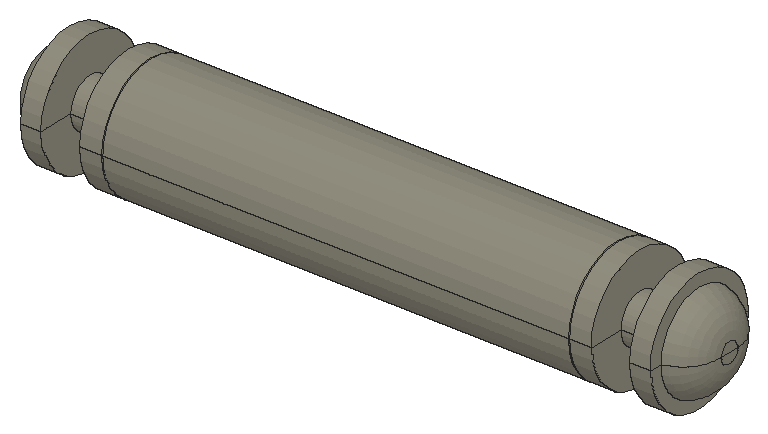
Revit family "Construction_Roof-Accessories_Alpine-SnowGuards_PP86-Internal Coupling", category Specialty Equipment, Revit 2019
Family settings
  Round Connector Dimension = Use Diameter
  Part Type = Normal
  OmniClass Number = 23.35.20.31.27.14
  OmniClass Title = Snow Guards
  Work Plane-Based = No
  Always vertical = Yes
  Cut with Voids When Loaded = No
  Shared = No
  Room Calculation Point = No
Parameters (values of type "PP86")
  URL = "https://www.alpinesnowguards.com/pipe-style-accessories-page?utm_source=bimobject&utm_medium=productlisting&utm_campaign=2022marketing"
  Product data url = "https://www.bimobject.com/alpine-snowguards/product/pipe-style-snow-guard-accessories"
  Product Material [instance] = Alpine SnowGuards - Aluminium - Mill Finish
  Product Guid = "61fc9796-3cde-4d78-8ab7-833e68d74063"
  Pipe Length [instance] = 36.63918"
  PID [instance] = 3/4"
  Model = "PP86"
  Manufacturer = "Alpine SnowGuards"  # constant formula
  Length = 4 1/4"
  Keynote = "07720"
  Edition number = 1
  Description = "Pipe Style Snow Guard Accessories- PP86 Internal Coupling"  # constant formula
  Collar Diameter [instance] = 1 5/16"
  Cap Diameter [instance] = 15/16"
  Assembly Code = "B3010"
Reference planes (in)
  plane 1 "Center (Front/Back)": y = 0
  plane 2: z = 0
  plane 3 "Center (Left/Right)": x = 0
  plane 4: x = 4.25
  plane 5: x = 2.125
Forms (in)
  Sweep 1, solid, material "Alpine SnowGuards - Aluminium - Mill Finish" <- "Product Material"
    path origin (0, 0, 0) x (1, 0, 0) y (0, 1, 0)
      loop
        line (0.6875, 0) -> (3.5625, 0)
    profile origin (2.125, 0, 0) x (0, 1, 0) y (0, 0, 1)
      loop
        circle (0, 0) r 0.375
      loop
        circle (0, 0) r 0.34375
  Revolve 2, solid, material "Alpine SnowGuards - Aluminium - Mill Finish" <- "Product Material"
    sketch origin (2.875, 0, 0) x (-1, 0, 0) y (0, 1, 0)
      loop
        line (1.56447, 0) -> (2.875, 0) -> (2.875, 0.06247)
        arc (2.875, 0.06247) -> (2.82263, 0.2127) -> (2.68821, 0.29782) r 0.24167
        line (2.68821, 0.29782) -> (2.68821, 0.375) -> (2.56335, 0.375) -> (2.56335, 0.15052) -> (2.32491, 0.15052) -> (2.32491, 0.375) -> (2.1875, 0.375) -> (2.1875, 0.15052) -> (1.56447, 0.15052) -> (1.56447, 0)
      axis (1.56447, 0) -> (2.875, 0)
    angle from 0 to 360
  Revolve 3, solid, material "Alpine SnowGuards - Aluminium - Mill Finish" <- "Product Material"
    sketch origin (1.375, 0, 0) x (1, 0, 0) y (0, 1, 0)
      loop
        line (1.56447, 0) -> (2.875, 0) -> (2.875, 0.06247)
        arc (2.875, 0.06247) -> (2.82263, 0.2127) -> (2.68821, 0.29782) r 0.24167
        line (2.68821, 0.29782) -> (2.68821, 0.375) -> (2.56335, 0.375) -> (2.56335, 0.15052) -> (2.32491, 0.15052) -> (2.32491, 0.375) -> (2.1875, 0.375) -> (2.1875, 0.15052) -> (1.56447, 0.15052) -> (1.56447, 0)
      axis (1.56447, 0) -> (2.875, 0)
    angle from 0 to 360
Dimensions and locks (in)
  equal spacing: plane 3 "Center (Left/Right)", plane 5, plane 4
  "Length": plane 3 "Center (Left/Right)" to plane 4
  locked: Sweep 1 sketch curve to Sweep 1 sketch curve at 2.875
  Revolve 2 sketch curve to Revolve 2 sketch curve = 3/8"
  Revolve 3 sketch curve to Revolve 3 sketch curve = 3/8"
  "PID": diameter of Sweep 1 sketch curve
  aligned and locked: level to plane 2
  aligned and locked: plane 1 "Center (Front/Back)" to Sweep 1 sketch curve
Automatic sketch dimensions
  plane 3 "Center (Left/Right)" to Sweep 1 sketch curve = 11/16"
  plane 1 "Center (Front/Back)" to Revolve 2 sketch curve = 0"  (x2)
  Revolve 2 sketch curve to plane 3 "Center (Left/Right)" = 0"
  Revolve 2 sketch curve to plane 3 "Center (Left/Right)" = 0.18679"
  plane 1 "Center (Front/Back)" to Revolve 2 sketch curve = 0.06247"
  Revolve 2 sketch curve to plane 3 "Center (Left/Right)" = 0.24167"
  Revolve 2 sketch curve to Revolve 2 sketch curve = 0.06998"
  Revolve 2 sketch curve to Revolve 2 sketch curve = 0.23844"
  Revolve 2 sketch curve to Revolve 2 sketch curve = 0.13741"
  Revolve 2 sketch curve to Revolve 2 sketch curve = 0.62303"
  Revolve 2 sketch curve to Revolve 2 sketch curve = 0.15052"
  Revolve 2 sketch curve to Revolve 2 sketch curve = 0.08805"
  Revolve 2 sketch curve to Revolve 2 sketch curve = 0.07718"
  plane 3 "Center (Left/Right)" to Revolve 2 sketch curve = 0.11982"
  Revolve 2 sketch curve to Revolve 2 sketch curve = 0.29234"
  plane 1 "Center (Front/Back)" to Revolve 3 sketch curve = 0"  (x2)
  Revolve 3 sketch curve to plane 4 = 0"
  Revolve 3 sketch curve to plane 4 = 0.18679"
  Revolve 3 sketch curve to plane 1 "Center (Front/Back)" = 0.06247"
  Revolve 3 sketch curve to Revolve 3 sketch curve = 0.24167"
  Revolve 3 sketch curve to Revolve 3 sketch curve = 0.06998"
  Revolve 3 sketch curve to Revolve 3 sketch curve = 0.23844"
  Revolve 3 sketch curve to Revolve 3 sketch curve = 0.13741"
  Revolve 3 sketch curve to Revolve 3 sketch curve = 0.62303"
  Revolve 3 sketch curve to plane 1 "Center (Front/Back)" = 0.15052"
  Revolve 3 sketch curve to Revolve 3 sketch curve = 0.08805"
  Revolve 3 sketch curve to Revolve 3 sketch curve = 0.07718"
  plane 4 to Revolve 3 sketch curve = 0.11982"
  Revolve 3 sketch curve to Revolve 3 sketch curve = 0.29234"
  Sweep 1 sketch curve to Sweep 1 sketch curve = 0"  (x2)
  Sweep 1 sketch curve to level = 0"
  Sweep 1 sketch curve to profile plane = 0"
  radius of Sweep 1 sketch curve = 11/32"
